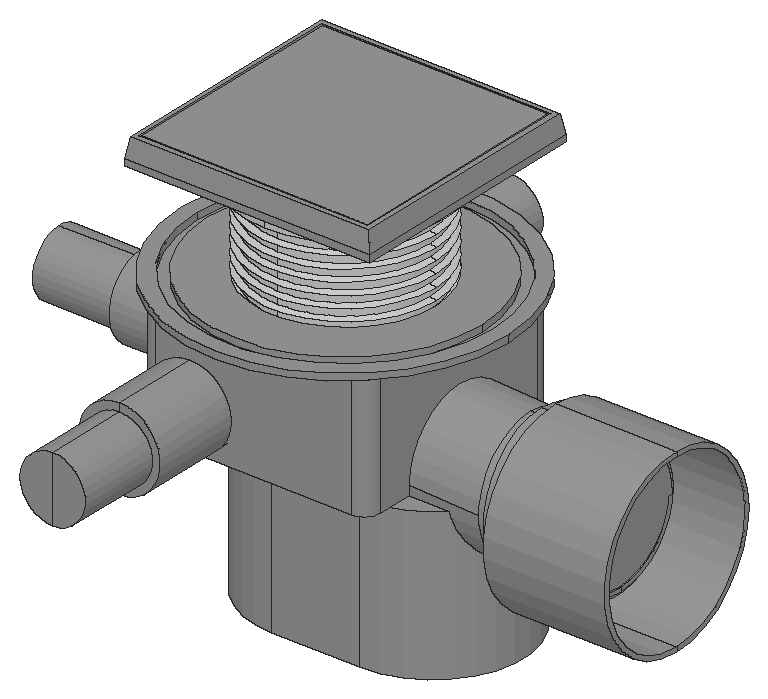
Revit family "HL_RU_Floor drain_HL70G-A-171212", category Instalační zařizovací předměty, Revit 2021
Family settings
  Kóta kulaté spojky = Použít průměr
  Typ dílu = Normální
  Číslo OmniClass = 23.70.50.21.24.14
  Nadpis OmniClass = Deck Waste Water Drains
  Založené na pracovní rovině = Ne
  Vždy vertikální = Ano
  Ořezat dutým tvarem při načtení = Ne
  Sdílené = Ano
  Bod výpočtu místnosti = Ano
Parameters (values of type "HL_Трап для внутренних помещений_HL70G")
  РЕШЁТКА = "137x137mm/ GJL"
  РАЗМЕР = "DN75/110"
  ПРОПУСКНАЯ СПОСОБНОСТЬ [instance] = 0.0 L/s
  ПРОИЗВОДИТЕЛЬНОСТЬ = "1,12 l/s"
  ПРИЁМНОЕ ОТВЕРСТИЕ = "3 x DN40/50"
  ПРАВОВАЯ ИНФОРМАЦИЯ = "\"Авторские права(©), права на дизайн или какие либо другие права интелектуальной собственности являются исключительной собственностью компании HL Hutterer & Lechner. Изменению не подлежит. Файл семейства с данными о прозводителе изделия защищен паролем с водяным знаком.\""
  ПАДЕНИЕ ДАВЛЕНИЯ [instance] = 0.0 Pa
  НОМИНАЛЬНЫЙ ДИАМЕТР 4 [instance] = 40 mm
  НОМИНАЛЬНЫЙ ДИАМЕТР 3 [instance] = 40 mm
  НОМИНАЛЬНЫЙ ДИАМЕТР 2 [instance] = 40 mm
  НОМИНАЛЬНЫЙ ДИАМЕТР [instance] = 110 mm
  НАСАДКА = "35-75 mm / 150 x 150 mm / GJL"
  МАТЕРИАЛ = "PE"
  МАКСИМАЛЬНАЯ НАГРУЗКА КЛАССА = "A/L15 - 1,5 t"
  ВЫСОТА МОНТАЖА = "213 mm"
  ВЕС = "2,892 kg"
  Výchozí výška = 0 mm
  Přípoj ventilace = no
  Výrobce = "HL Hutterer & Lechner GmbH"
  URL = "http://www.hutterer-lechner.com/ru/products/catalog/roof-drains/HL70G.aspx"
  Přípoj odpadních dílů = yes
  Přípoj HW = no
  Popis = "Трап для внутренних помещений"
  N [instance] = НОМИНАЛЬНЫЙ ДИАМЕТР = 110 mm  # yes
  Model = "HL70G"
  L24 [instance] = 39 mm
  Komentáře k typům = "Трап для внутренних помещений DN75/110 горизонтальный с предохранительным затвором обратного потока воды и тремя входными отверстиями DN40/50, 150х150мм/137х137мм чугун"
  Keynote = "HL70G"
  Высота монтажа [instance] = 80 mm
  Přípoj CW = no
  FO [instance] = FI1 + FI2 + FI3 + ПРОПУСКНАЯ СПОСОБНОСТЬ  # 0.0 L/s
  FI3 [instance] = 0.0 L/s
  FI2 [instance] = 0.0 L/s
  FI1 [instance] = 0.0 L/s
  EAN = "9003076001941"
  E [instance] = if(Высота монтажа > 80.1 mm, 120 mm, Высота монтажа)  # 80 mm
  D4 [instance] = if(НОМИНАЛЬНЫЙ ДИАМЕТР 4 = 40 mm, 174.8 mm, if(НОМИНАЛЬНЫЙ ДИАМЕТР 4 = 50 mm, 123.8 mm, 0 mm))  # 174.8 mm
  D3 [instance] = if(НОМИНАЛЬНЫЙ ДИАМЕТР 3 = 40 mm, 175 mm, if(НОМИНАЛЬНЫЙ ДИАМЕТР 3 = 50 mm, 124 mm, 0 mm))  # 175 mm
  D2 [instance] = if(НОМИНАЛЬНЫЙ ДИАМЕТР 2 = 40 mm, 174.8 mm, if(НОМИНАЛЬНЫЙ ДИАМЕТР 2 = 50 mm, 123.8 mm, 0 mm))  # 174.8 mm
  D1 [instance] = if(НОМИНАЛЬНЫЙ ДИАМЕТР = 75 mm, 168.8 mm, 202.6 mm)  # 202.6 mm
  D [instance] = Высота монтажа + 56.6 mm  # 136.6 mm
  C [instance] = Высота монтажа + 56.6 mm  # 136.6 mm
  B [instance] = if(НОМИНАЛЬНЫЙ ДИАМЕТР = 75 mm, 81 mm, 82.7 mm) + Высота монтажа  # 162.7 mm
  A [instance] = if(B - 100 mm > 15 mm, B - 100 mm, 15 mm)  # 62.7 mm
Reference planes
  plane 1 "Center (Front/Back)": y = 0
  plane 2: z = 0
  plane 3 "Center (Left/Right)": x = 0
  plane 4 "Ball Joint Vertical": x = 25.45
  plane 5: z = -80
  plane 6: z = -162.7
  plane 7: x = -39
Lines and regions (mm)
  model lines, style "InvisibleLines"
    curve 1: line (0, 0, 0) -> (0, 0, 560)
  reference lines
    curve 2: line (172.6, 0, -162.7) -> (202.6, 0, -162.7)
    curve 6: line (-39, 0, -136.6) -> (-175, 0, -136.6)
    curve 24: line (-39, 0, -136.6) -> (-39, 174.8, -136.6)
    curve 25: line (-39, 0, -136.6) -> (-39, -174.8, -136.6)
  model lines, detail levels coarse+medium
    curve 3: line (0, 0, -162.7) -> (0, 0, -100)
    curve 4: line (0, 0, -100) -> (100, 0, 0)
    curve 5: line (0, 0, -100) -> (-100, 0, 0)
    curve 7: line (0, 0, -162.7) -> (202.6, 0, -162.7)
  symbolic lines, style "PlumbingFixtures", detail levels coarse+medium
    curve 8: line (-75, 75, 0) -> (75, 75, 0)
    curve 9: line (-75, -75, 0) -> (-75, 75, 0)
    curve 10: line (75, -75, 0) -> (-75, -75, 0)
    curve 11: line (75, 75, 0) -> (75, -75, 0)
    curve 12: line (-75, 75, 0) -> (-145.711, 145.711, 0)
    curve 13: line (75, 75, 0) -> (145.711, 145.711, 0)
    curve 14: line (-75, -75, 0) -> (-145.711, -145.711, 0)
    curve 15: line (75, -75, 0) -> (145.711, -145.711, 0)
  symbolic lines, style "PlumbingFixtures", not visible, detail levels coarse+medium
    curve 16: line (-75, 75, 0) -> (75, 75, 0)
    curve 17: line (-75, -75, 0) -> (-75, 75, 0)
    curve 18: line (75, -75, 0) -> (-75, -75, 0)
    curve 19: line (75, 75, 0) -> (75, -75, 0)
    curve 20: line (-75, 75, 0) -> (-145.711, 145.711, 0)
    curve 21: line (75, 75, 0) -> (145.711, 145.711, 0)
    curve 22: line (-75, -75, 0) -> (-145.711, -145.711, 0)
    curve 23: line (75, -75, 0) -> (145.711, -145.711, 0)
Text (mm)
  text "FLOOR" at (-198.233, 0, -26.556), in view "вид строительства"
Dimensions and locks
  locked: plane 4 "Ball Joint Vertical" to plane 3 "Center (Left/Right)" at 25.45
  "Высота монтажа": plane 2 to plane 5
  "A": curve 5 to plane 6
  "B": curve 5 to plane 6
  "B": curve 4 to plane 6
  "B": plane 2 to plane 6
  "C": plane 2 to curve 6
  "B": plane 2 to curve 7
  "D3": plane 3 "Center (Left/Right)" to curve 6
  "L24": plane 7 to plane 3 "Center (Left/Right)"
  "D1": curve 2 to plane 3 "Center (Left/Right)"
  "D1": curve 7 to plane 3 "Center (Left/Right)"
  "D4": curve 24 to plane 1 "Center (Front/Back)"
  "D2": plane 1 "Center (Front/Back)" to curve 25
  "D": curve 25 to plane 2
  locked: plane 5 to nested 4 at 76.745
  locked: curve 4 to plane 3 "Center (Left/Right)" (angle 45.00°)
  locked: plane 3 "Center (Left/Right)" to curve 5 (angle 45.00°)
  aligned and locked: level to plane 2
  aligned and locked: plane 2 to curve 1
  aligned and locked: plane 3 "Center (Left/Right)" to curve 1
  aligned and locked: plane 3 "Center (Left/Right)" to curve 5
  aligned and locked: plane 6 to curve 2
  aligned and locked: plane 5 to nested 1
  aligned and locked: nested 1 to plane 3 "Center (Left/Right)"
  aligned and locked: nested 3 to nested 2
  aligned and locked: nested 2 to nested 3
  aligned and locked: plane 3 "Center (Left/Right)" to nested 2
  aligned and locked: plane 2 to nested 2
Automatic sketch dimensions
  level to curve 1 = 560 mm
  curve 6 to plane 7 = 0 mm
  curve 2 to curve 2 = 30 mm
  curve 25 to plane 1 "Center (Front/Back)" = 0 mm
Nested families
  nested 1: "HL-Трап для внутренних помещений-HL70K" at (0, 0, -80) x (-1, 0, 0) z (0, 0, 1), НОМИНАЛЬНЫЙ ДИАМЕТР 2 <- "НОМИНАЛЬНЫЙ ДИАМЕТР 2", НОМИНАЛЬНЫЙ ДИАМЕТР 3 <- "НОМИНАЛЬНЫЙ ДИАМЕТР 3", НОМИНАЛЬНЫЙ ДИАМЕТР 4 <- "НОМИНАЛЬНЫЙ ДИАМЕТР 4", type "HL-Трап для внутренних помещений-HL70K"
    with НОМИНАЛЬНЫЙ ДИАМЕТР 4 40 mm, НОМИНАЛЬНЫЙ ДИАМЕТР 3 40 mm, НОМИНАЛЬНЫЙ ДИАМЕТР 2 40 mm, НОМИНАЛЬНЫЙ ДИАМЕТР 0 mm, ND4 -90 mm, ND3 -90 mm, ND2 -90 mm
  nested 2: "HL-Насадная деталь-HL037G.2E" at (0, 0, 0), Высота монтажа <- "E", type "HL037G.2E"
    with Высота монтажа 80 mm, RN 10, RL 65 mm, R yes, NL_Test yes, NL 100 mm
  nested 3: "HL-Решётка-HL037G.1E" at (0, 0, 0), type "HL037G.1E"
  nested 4: "HL-Уменьшение-HL0317.4E" at (128.665, 0, -217.745) x (1, 0, 0) z (0, 0, -1), visible <- "N", type "HL0317.4E"
Connectors
  piping at (202.6, 0, -162.7), diameter 110, driven by "НОМИНАЛЬНЫЙ ДИАМЕТР", driven by "FO"
    settings: on curve 2, index 1, connector inside diameter 609.6 mm, connector length 0 mm, flow factor 0, pipe flow 0.0 L/s, pressure drop 0.0 Pa, fitting loss kfactor 0, connector angle 0.00°, fixture units 0, engagement length 0 mm, angle of deflection 0.00°, flow configuration 1, flow direction 2, fitting loss method 0, system type 16, joint type 0, gender type 0, connector reference index 2, connector utility 0, adjustable connector yes, is connector primary no, connector description ""
  piping at (-175, 0, -136.6), diameter 40, driven by "НОМИНАЛЬНЫЙ ДИАМЕТР 3", driven by "FI2"
    settings: on curve 6, index 2, connector inside diameter 609.6 mm, connector length 0 mm, flow factor 0, pipe flow 0.0 L/s, pressure drop 0.0 Pa, fitting loss kfactor 0, connector angle 0.00°, fixture units 0, engagement length 0 mm, angle of deflection 0.00°, flow configuration 0, flow direction 1, fitting loss method 0, system type 16, joint type 0, gender type 0, connector reference index 1, connector utility 0, adjustable connector yes, is connector primary yes, connector description ""
  piping at (-39, 174.8, -136.6), diameter 40, driven by "НОМИНАЛЬНЫЙ ДИАМЕТР 4", driven by "FI3"
    settings: on curve 24, index 4, connector inside diameter 609.6 mm, connector length 0 mm, flow factor 0, pipe flow 0.0 L/s, pressure drop 0.0 Pa, fitting loss kfactor 0, connector angle 0.00°, fixture units 0, engagement length 0 mm, angle of deflection 0.00°, flow configuration 0, flow direction 1, fitting loss method 0, system type 16, joint type 0, gender type 0, connector reference index -1, connector utility 0, adjustable connector yes, is connector primary no, connector description ""
  piping at (-39, -174.8, -136.6), diameter 40, driven by "НОМИНАЛЬНЫЙ ДИАМЕТР 2", driven by "FI1"
    settings: on curve 25, index 5, connector inside diameter 609.6 mm, connector length 0 mm, flow factor 0, pipe flow 0.0 L/s, pressure drop 0.0 Pa, fitting loss kfactor 0, connector angle 0.00°, fixture units 0, engagement length 0 mm, angle of deflection 0.00°, flow configuration 0, flow direction 1, fitting loss method 0, system type 16, joint type 0, gender type 0, connector reference index -1, connector utility 0, adjustable connector yes, is connector primary no, connector description ""
Definition of nested family "HL-Трап для внутренних помещений-HL70K"
  Parameters
    РАЗМЕР = ""
    ПРОИЗВОДИТЕЛЬНОСТЬ = ""
    ПРИЁМНОЕ ОТВЕРСТИЕ = ""
    НОМИНАЛЬНЫЙ ДИАМЕТР 4 [instance] = 40 mm
    НОМИНАЛЬНЫЙ ДИАМЕТР 3 [instance] = 40 mm
    НОМИНАЛЬНЫЙ ДИАМЕТР 2 [instance] = 40 mm
    НОМИНАЛЬНЫЙ ДИАМЕТР [instance] = 0 mm
    МАТЕРИАЛ = ""
    ВЫСОТА МОНТАЖА = ""
    ВЕС = ""
    Manufacturer = ""
    Default Elevation = 0 mm
    URL = ""
    Description = ""
    ND4 [instance] = if(НОМИНАЛЬНЫЙ ДИАМЕТР 4 = 40 mm, -90 mm, if(НОМИНАЛЬНЫЙ ДИАМЕТР 4 = 50 mm, 0 mm, -100 mm))  # -90 mm
    ND3 [instance] = if(НОМИНАЛЬНЫЙ ДИАМЕТР 3 = 40 mm, -90 mm, if(НОМИНАЛЬНЫЙ ДИАМЕТР 3 = 50 mm, 0 mm, -100 mm))  # -90 mm
    ND2 [instance] = if(НОМИНАЛЬНЫЙ ДИАМЕТР 2 = 40 mm, -90 mm, if(НОМИНАЛЬНЫЙ ДИАМЕТР 2 = 50 mm, 0 mm, -100 mm))  # -90 mm
    Model = ""
    LEGAL NOTICE = ""
    Type Comments = ""
    Keynote = ""
    EAN = ""
    Cost = 0
  Types (2, lengths in mm): name | РАЗМЕР | ПРОИЗВОДИТЕЛЬНОСТЬ | ПРИЁМНОЕ ОТВЕРСТИЕ | МАТЕРИАЛ | ВЫСОТА МОНТАЖА | ВЕС | Manufacturer | URL | Description | Model | LEGAL NOTICE | Type Comments | Keynote | EAN
    (no name) | "" | "" | "" | "" | "" | "" | "" | "" | "" | "" | "" | "" | "" | ""
    HL-Трап для внутренних помещений-HL70K | "DN75/110" | "1,12 l/s" | "3 x DN40/50" | "PE" | "173 mm" | "0,726 kg" | "HL Hutterer & Lechner GmbH" | "http://www.hutterer-lechner.com/ru/products/catalog/roof-drains/HL70K.aspx" | "Трап для внутренних помещений" | "HL70K" | "\"Авторские права(©), права на дизайн или какие либо другие права интелектуальной собственности являются исключительной собственностью компании HL Hutterer & Lechner. Изменению не подлежит. Файл семейства с данными о прозводителе изделия защищен паролем с водяным знаком.\"" | "Трап для внутренних помещений DN75/110 горизонтальный с предохранительным затвором обратного потока воды и тремя входными отверстиями DN40/50." | "HL70K" | "9003076011995"
  Reference planes
    plane 1 "Střed (vpředu/vzadu)": y = 0
    plane 2: z = 0
    plane 3 "Střed (vlevo/vpravo)": x = 0
  Forms (mm)
    Extrusion 1, solid, detail levels fine
      sketch origin (0, 0, 0) x (1, 0, 0) y (0, 1, 0)
        loop
          circle (0, 0) r 100
        loop
          circle (0, 0) r 90.712
        loop
          circle (0, 0) r 83.924
        loop
          circle (0, 0) r 55.36
      from 0 to -4
    Extrusion 2, solid, detail levels fine
      sketch origin (0, 0, -4) x (0, 1, 0) y (1, 0, 0)
        loop
          circle (0, 0) r 93.56
      from 0 to 3
    Extrusion 3, solid, detail levels fine
      sketch origin (0, 0, -7) x (-1, 0, 0) y (0, 1, 0)
        loop
          arc (60, -70) -> (67.071, -67.071) -> (70, -60) r 10
          line (70, -60) -> (70, 60)
          arc (70, 60) -> (67.071, 67.071) -> (60, 70) r 10
          line (60, 70) -> (-60, 70)
          arc (-60, 70) -> (-67.071, 67.071) -> (-70, 60) r 10
          line (-70, 60) -> (-70, -60)
          arc (-70, -60) -> (-67.071, -67.071) -> (-60, -70) r 10
          line (-60, -70) -> (60, -70)
      from 0 to 74.618
    Extrusion 4, solid, detail levels fine
      sketch origin (0, 0, -81.618) x (0, -1, 0) y (-1, 0, 0)
        loop
          arc (-56, 0) -> (-0.32, -55.68) -> (55.36, 0) r 55.68
          line (55.36, 0) -> (55.36, 54)
          arc (55.36, 54) -> (-0.32, 109.68) -> (-56, 54) r 55.68
          line (-56, 54) -> (-56, 0)
      from 0 to 92
    Sweep 5, solid, detail levels fine
      path origin (0, 0, 1.669) x (1, 0, 0) y (0, 0, 1)
        loop
          line (-167.087, -116.62) -> (-37.204, -111.12)
      profile origin (-102.145, 0, -112.201) x (-0.042308, 0, 0.999105) y (0, -1, 0)
        loop
          circle (34.934, 0) r 39
    Revolve 6, solid, detail levels fine
      sketch origin (0, 0, 22.014) x (1, 0, 0) y (0, 0, 1)
        loop
          line (175, -78.618) -> (175, -58.618) -> (124.072, -58.618) -> (124.072, -53.618) -> (65, -53.618) -> (65, -78.618) -> (175, -78.618)
        axis (175, -78.618) -> (65, -78.618)
      angle from 0 to 360
    Extrusion 7, void
      sketch origin (124.072, 0, -56.604) x (0, -1, 0) y (0, 0, 1)
        loop
          circle (0, 0) r 25
      from -100 to -90 <- "ND3"
    Revolve 8, solid, detail levels fine
      sketch origin (39, -0.32, 22.014) x (0, 1, 0) y (0, 0, 1)
        loop
          line (175, -78.618) -> (175, -58.618) -> (124.072, -58.618) -> (124.072, -53.618) -> (65, -53.618) -> (65, -78.618) -> (175, -78.618)
        axis (175, -78.618) -> (65, -78.618)
      angle from 0 to 360
    Extrusion 9, void
      sketch origin (39, 123.752, -56.604) x (1, 0, 0) y (0, 0, 1)
        loop
          circle (0, 0) r 25
      from -100 to -90 <- "ND2"
    Revolve 10, solid, detail levels fine
      sketch origin (39, 0.32, 22.014) x (0, -1, 0) y (0, 0, -1)
        loop
          line (175, 78.618) -> (65, 78.618) -> (65, 53.618) -> (124.072, 53.618) -> (124.072, 58.618) -> (175, 58.618) -> (175, 78.618)
        axis (175, 78.618) -> (65, 78.618)
      angle from 0 to 360
    Extrusion 11, void
      sketch origin (39, -123.752, -56.604) x (0, 0, -1) y (-1, 0, 0)
        loop
          circle (0, 0) r 25
      from -100 to -90 <- "ND4"
  Cuts and joins
    Extrusion 11 cuts Revolve 10
    Extrusion 7 cuts Revolve 6
    Extrusion 9 cuts Revolve 8
  Dimensions and locks
    aligned and locked: level to plane 2
Definition of nested family "HL-Насадная деталь-HL037G.2E"
  Parameters
    РАЗМЕР = "d 110 mm"
    ПРАВОВАЯ ИНФОРМАЦИЯ = "Авторские права(©), права на дизайн или какие либо другие права интелектуальной собственности являются исключительной собственностью компании HL Hutterer & Lechner. Изменению не подлежит. Файл семейства с данными о прозводителе изделия защищен паролем с водяным знаком."  # constant formula
    НАСАДКА = "150x150mm"
    МАКСИМАЛЬНАЯ НАГРУЗКА КЛАССА = "A/L15 - 1,5 t"
    Высота монтажа [instance] = 75 mm
    ВЕС = "2,03 [kg]"
    Waste Connection = yes
    Default Elevation = 0 mm
    Vent Connection = no
    RD = 6.5 mm  # constant formula
    R [instance] = ((Высота монтажа - NL_Min) / RD - 1) > 2  # yes
    RL [instance] = RD * RN  # 58.5 mm
    NL_Test [instance] = and(or(Высота монтажа < NL_Max, Высота монтажа = NL_Max), or(Высота монтажа > NL_Min, Высота монтажа = NL_Min))  # yes
    NL_Min = 30 mm
    NL_Max = 95 mm
    NL [instance] = if(NL_Test, Высота монтажа + 20 mm, 0 mm)  # 95 mm
    RN [instance] = if((Высота монтажа + 20 mm - NL_Min) / RD - 1 < 2, 2, (Высота монтажа + 20 mm - NL_Min) / RD - 1)  # 9
    Manufacturer = "HL Hutterer & Lechner GmbH"  # constant formula
    URL = "http://www.hutterer-lechner.com/ru/Products/catalog/floor-drains/attachments/HL037G.2E.aspx"
    HW Connection = no
    Description = "Трапы для внутренних помещений - Комплектующие"
    Model = "HL037G.2E"
    Type Comments = "HL037G.2E Подрамники d 110 мм из чугуна 150х150 мм"
    Keynote = "HL037G.2E"
    EAN = "9003076025404"
    CW Connection = no
  Reference planes
    plane 1 "Center (Front/Back)": y = 0
    plane 2: z = 0
    plane 3 "Center (Left/Right)": x = 0
    plane 4 "Ball Joint Vertical": x = 25.45
    plane 5: z = -95
  Forms (mm)
    Extrusion 1, solid, detail levels fine
      sketch origin (0, 0, 0) x (1, 0, 0) y (0, 1, 0)
        loop
          line (-75, 75) -> (-75, -75) -> (75, -75) -> (75, 75) -> (-75, 75)
        loop
          circle (0, 0) r 50.15
      from -12 to -16
    Sweep 2, solid, detail levels fine
      path in 3D
        loop
          line (-75, 75, -12) -> (-75, -75, -12) -> (75, -75, -12) -> (75, 75, -12) -> (-75, 75, -12)
      profile origin (0, 75, -12) x (0, -1, 0) y (0, 0, 1)
        loop
          line (2.116, 12) -> (0, 0) -> (15, 0) -> (15, 4) -> (5, 4) -> (5, 12) -> (2.116, 12)
    Extrusion 3, solid, detail levels fine
      sketch origin (0, 0, 0) x (1, 0, 0) y (0, 1, 0)
        loop
          line (-60, 60) -> (-60, -60) -> (60, -60) -> (60, 60) -> (-60, 60)
        loop
          circle (0, 0) r 50.5
      from -8 to -12
    Revolve 4, solid, detail levels fine
      sketch origin (0, 0, 0) x (0, 1, 0) y (0, 0, 1)
        loop
          line (64.5, -16) -> (62.224, -16) -> (59.8, -18.424) -> (59.8, -27.8) -> (50.15, -27.8) -> (50.15, -29.5) -> (50.15, -95) -> (51.85, -95) -> (51.85, -29.5) -> (61.5, -29.5) -> (61.5, -19) -> (64.5, -16)
        axis (0, -16) -> (0, -95)
      angle from 0 to 360
  Cuts and joins
    joined: Extrusion 1, Sweep 2, Extrusion 3
  Lines and regions (mm)
    symbolic lines
      curve 1: line (0, 0, -95) -> (0, 0, 0)
    sketch lines
      curve 2: line (75, 75, -12) -> (-75, 75, -12)
      curve 3: line (75, -75, -12) -> (75, 75, -12)
      curve 4: line (-75, -75, -12) -> (75, -75, -12)
      curve 5: line (-75, 75, -12) -> (-75, -75, -12)
  Text (mm)
    text "ROOF/FLOOR" at (-198.233, 0, -26.556), in view "Drain Construction View"
  Dimensions and locks
    locked: plane 4 "Ball Joint Vertical" to plane 3 "Center (Left/Right)" at 25.45
    "NL": plane 2 to plane 5
    equal spacing: group 1, group 3, group 4, group 5, group 6, group 7, group 8, group 9, group 2  (x3)
    "RL": nested 2 to nested 1
    locked: nested 1 to plane 5 at 1.516
    aligned and locked: level to plane 2
    aligned and locked: plane 3 "Center (Left/Right)" to nested 1
    aligned and locked: plane 1 "Center (Front/Back)" to nested 1
    aligned and locked: plane 2 to curve 1
    aligned and locked: plane 5 to curve 1
    aligned and locked: plane 5 to Revolve 4
  Automatic sketch dimensions
    curve 1 to plane 4 "Ball Joint Vertical" = 25.45 mm
    Extrusion 1 sketch curve to Extrusion 1 sketch curve = 0 mm  (x2)
    plane 1 "Center (Front/Back)" to Extrusion 1 sketch curve = 0 mm
    Extrusion 1 sketch curve to plane 3 "Center (Left/Right)" = 0 mm
    Extrusion 1 sketch curve to plane 3 "Center (Left/Right)" = 75 mm
    plane 4 "Ball Joint Vertical" to Extrusion 1 sketch curve = 49.55 mm
    plane 1 "Center (Front/Back)" to Extrusion 1 sketch curve = 75 mm
    Extrusion 1 sketch curve to plane 1 "Center (Front/Back)" = 75 mm
    plane 1 "Center (Front/Back)" to Extrusion 1 sketch curve = 5.198 mm
    Extrusion 1 sketch curve to plane 3 "Center (Left/Right)" = 49.88 mm
    Extrusion 1 sketch curve to plane 1 "Center (Front/Back)" = 5.198 mm
    Sweep 2 sketch curve to profile plane = 0 mm  (x2)
    Sweep 2 sketch curve to profile plane = 2.116 mm
    Sweep 2 sketch curve to Sweep 2 sketch curve = 2.884 mm
    profile plane to Sweep 2 sketch curve = 4 mm
    Sweep 2 sketch curve to Sweep 2 sketch curve = 10 mm
    Sweep 2 sketch curve to Sweep 2 sketch curve = 8 mm
    Extrusion 3 sketch curve to Extrusion 3 sketch curve = 0 mm  (x2)
    plane 1 "Center (Front/Back)" to Extrusion 3 sketch curve = 0 mm
    Extrusion 3 sketch curve to plane 3 "Center (Left/Right)" = 0 mm
    Extrusion 3 sketch curve to plane 3 "Center (Left/Right)" = 60 mm
    plane 4 "Ball Joint Vertical" to Extrusion 3 sketch curve = 34.55 mm
    plane 1 "Center (Front/Back)" to Extrusion 3 sketch curve = 60 mm
    Extrusion 3 sketch curve to plane 1 "Center (Front/Back)" = 60 mm
    Extrusion 3 sketch curve to plane 1 "Center (Front/Back)" = 5.234 mm
    Extrusion 3 sketch curve to plane 3 "Center (Left/Right)" = 50.228 mm
    plane 1 "Center (Front/Back)" to Extrusion 3 sketch curve = 5.234 mm
    Revolve 4 sketch curve to plane 1 "Center (Front/Back)" = 0 mm
    Revolve 4 sketch curve to plane 1 "Center (Front/Back)" = 50.15 mm
    Revolve 4 sketch curve to Revolve 4 sketch curve = 1.7 mm  (x3)
    Revolve 4 sketch curve to Revolve 4 sketch curve = 7.95 mm
    Revolve 4 sketch curve to level = 16 mm
    Revolve 4 sketch curve to Revolve 4 sketch curve = 0.724 mm
    Revolve 4 sketch curve to Revolve 4 sketch curve = 2.276 mm
    Revolve 4 sketch curve to Revolve 4 sketch curve = 2.424 mm
    Revolve 4 sketch curve to Revolve 4 sketch curve = 0.576 mm
    Revolve 4 sketch curve to Revolve 4 sketch curve = 9.376 mm
    Revolve 4 sketch curve to Revolve 4 sketch curve = 0 mm
    Revolve 4 sketch curve to plane 5 = 0 mm
    Revolve 4 sketch curve to plane 5 = 60 mm
    level to Revolve 4 sketch curve = 50 mm
  Nested families
    nested 1: "Ring" at (0, 0, -93.484), visible <- "R", type "Ring"
      with R 51.9 mm, D 103.8 mm
    nested 2: "Ring" at (0, 0, -34.984), visible <- "R", type "Ring"
      with R 51.9 mm, D 103.8 mm
    nested 3: "Ring" at (0, 0, -86.171), visible <- "R", type "Ring"
      with R 51.9 mm, D 103.8 mm
    nested 4: "Ring" at (0, 0, -78.859), visible <- "R", type "Ring"
      with R 51.9 mm, D 103.8 mm
    nested 5: "Ring" at (0, 0, -71.546), visible <- "R", type "Ring"
      with R 51.9 mm, D 103.8 mm
    nested 6: "Ring" at (0, 0, -64.234), visible <- "R", type "Ring"
      with R 51.9 mm, D 103.8 mm
    nested 7: "Ring" at (0, 0, -56.921), visible <- "R", type "Ring"
      with R 51.9 mm, D 103.8 mm
    nested 8: "Ring" at (0, 0, -49.609), visible <- "R", type "Ring"
      with R 51.9 mm, D 103.8 mm
    nested 9: "Ring" at (0, 0, -42.296), visible <- "R", type "Ring"
      with R 51.9 mm, D 103.8 mm
  Definition of nested family "Ring"
    Parameters (values of type "Ring")
      Manufacturer = ""
      Default Elevation = 0 mm
      URL = ""
      R = D / 2  # 51.5 mm
      Description = ""
      Model = ""
      Material = none
      Type Comments = ""
      D = 103 mm
      Cost = 0
    Reference planes
      plane 1 "Střed (vpředu/vzadu)": y = 0
      plane 2: z = 0
      plane 3 "Střed (vlevo/vpravo)": x = 0
    Forms (mm)
      Revolve 1, solid, material <- "Material", detail levels fine
        sketch origin (0, 0, 0) x (1, 0, 0) y (0, 0, 1)
          loop
            line (-51.5, 1.482) -> (-54.764, 0) -> (-51.5, -1.516) -> (-51.5, 1.482)
          axis (0, 1.482) -> (0, -1.516)
        angle from 0 to 360
    Dimensions and locks
      "R": Revolve 1 sketch curve to plane 3 "Střed (vlevo/vpravo)"
      aligned and locked: level to plane 2
      aligned and locked: Revolve 1 sketch curve to plane 3 "Střed (vlevo/vpravo)"
    Automatic sketch dimensions
      Revolve 1 sketch curve to level = 0 mm
      Revolve 1 sketch curve to Revolve 1 sketch curve = 3.264 mm
      Revolve 1 sketch curve to level = 1.516 mm
      level to Revolve 1 sketch curve = 1.482 mm
      Revolve 1 sketch curve to level = 381 mm
      Revolve 1 sketch curve to Revolve 1 sketch curve = 2212.833 mm
Definition of nested family "HL-Решётка-HL037G.1E"
  Parameters
    РАЗМЕР = "137x137mm"
    ПРАВОВАЯ ИНФОРМАЦИЯ = "Авторские права(©), права на дизайн или какие либо другие права интелектуальной собственности являются исключительной собственностью компании HL Hutterer & Lechner. Изменению не подлежит. Файл семейства с данными о прозводителе изделия защищен паролем с водяным знаком."  # constant formula
    МАТЕРИАЛ = "Gusseisen"
    МАКСИМАЛЬНАЯ НАГРУЗКА КЛАССА = "A/L15 - 1,5 t"
    ВЕС = "0,91 [kg]"
    Waste Connection = yes
    Default Elevation = 0 mm
    Vent Connection = no
    Manufacturer = "HL Hutterer & Lechner GmbH"  # constant formula
    URL = "http://www.hutterer-lechner.com/ru/Products/catalog/floor-drains/attachments/HL037G.1E.aspx"
    HW Connection = no
    Description = "Трапы для внутренних помещений - Комплектующие"
    Model = "HL037G.1E"
    Type Comments = "HL037G.1E Чугунные решетки для сливных отверстий 137х137мм"
    Keynote = "HL037G.1E"
    EAN = "9003076009046"
    CW Connection = no
  Reference planes
    plane 1 "Center (Front/Back)": y = 0
    plane 2: z = 0
    plane 3 "Center (Left/Right)": x = 0
    plane 4 "Ball Joint Vertical": x = 25.45
  Forms (mm)
    Extrusion 1, solid, detail levels fine
      sketch origin (0, 0, 0) x (1, 0, 0) y (0, 1, 0)
        loop
          line (-69, 69) -> (-69, -69) -> (69, -69) -> (69, 69) -> (-69, 69)
      from 0 to -8
  Lines and regions (mm)
    model lines, detail levels fine
      curve 1: line (-8.15, 4.25, 0) -> (-8.15, -4.25, 0)
      curve 2: line (-6.4, 1.625, 0) -> (-6.4, 4.25, 0)
      curve 3: line (-2.65, 0.875, 0) -> (-5.65, 0.875, 0)
      curve 4: line (-5.65, -0.875, 0) -> (-2.65, -0.875, 0)
      curve 5: line (-6.4, -4.25, 0) -> (-6.4, -1.625, 0)
      curve 6: line (-0.15, -4.25, 0) -> (-0.15, 4.25, 0)
      curve 7: line (1.65, 4.25, 0) -> (1.65, -4.25, 0)
      curve 8: line (3.4, -2.5, 0) -> (3.4, 4.25, 0)
      curve 9: line (7.4, -3.25, 0) -> (4.15, -3.25, 0)
      curve 10: line (2.4, -5, 0) -> (7.4, -5, 0)
      curve 11: arc (-8.15, -4.25, 0) -> (-7.275, -5.125, 0) -> (-6.4, -4.25, 0) r 0.875
      curve 12: arc (-8.15, 4.25, 0) -> (-7.275, 5.125, 0) -> (-6.4, 4.25, 0) r 0.875
      curve 13: arc (-6.4, 1.625, 0) -> (-6.18, 1.095, 0) -> (-5.65, 0.875, 0) r 0.75
      curve 14: arc (-5.65, -0.875, 0) -> (-6.18, -1.095, 0) -> (-6.4, -1.625, 0) r 0.75
      curve 15: arc (-2.65, -0.875, 0) -> (-2.12, -1.095, 0) -> (-1.9, -1.625, 0) r 0.75
      curve 16: arc (-2.65, 0.875, 0) -> (-2.12, 1.095, 0) -> (-1.9, 1.625, 0) r 0.75
      curve 17: arc (-1.9, 4.25, 0) -> (-1.025, 5.125, 0) -> (-0.15, 4.25, 0) r 0.875
      curve 18: arc (1.65, 4.25, 0) -> (2.525, 5.125, 0) -> (3.4, 4.25, 0) r 0.875
      curve 19: arc (7.4, -3.25, 0) -> (8.275, -4.125, 0) -> (7.4, -5, 0) r 0.875
      curve 20: arc (4.15, -3.25, 0) -> (3.62, -3.03, 0) -> (3.4, -2.5, 0) r 0.75
      curve 21: arc (1.65, -4.25, 0) -> (1.87, -4.78, 0) -> (2.4, -5, 0) r 0.75
      curve 22: arc (-1.9, -4.25, 0) -> (-1.025, -5.125, 0) -> (-0.15, -4.25, 0) r 0.875
      curve 23: line (-1.9, -1.625, 0) -> (-1.9, -4.25, 0)
      curve 24: line (-1.9, 1.625, 0) -> (-1.9, 4.25, 0)
      curve 25: line (-10.607, 16.263, 0) -> (-28.989, 34.646, 0)
      curve 26: line (-34.646, 28.989, 0) -> (-16.263, 10.607, 0)
      curve 27: line (-21.211, 38.181, 0) -> (-12.021, 28.991, 0)
      curve 28: line (-6.364, 34.648, 0) -> (-15.554, 43.838, 0)
      curve 29: line (-28.991, 12.021, 0) -> (-38.181, 21.211, 0)
      curve 30: line (-43.838, 15.554, 0) -> (-34.648, 6.364, 0)
      curve 31: arc (-43.838, 15.554, 0) -> (-43.838, 21.211, 0) -> (-38.181, 21.211, 0) r 4
      curve 32: arc (-28.991, 12.021, 0) -> (-28.991, 6.364, 0) -> (-34.648, 6.364, 0) r 4
      curve 33: arc (-34.646, 28.989, 0) -> (-34.646, 34.646, 0) -> (-28.989, 34.646, 0) r 4
      curve 34: arc (-16.263, 10.607, 0) -> (-10.607, 10.607, 0) -> (-10.607, 16.263, 0) r 4
      curve 35: arc (-12.021, 28.991, 0) -> (-6.364, 28.991, 0) -> (-6.364, 34.648, 0) r 4
      curve 36: arc (-21.211, 38.181, 0) -> (-21.211, 43.838, 0) -> (-15.554, 43.838, 0) r 4
      curve 37: line (16.263, 10.607, 0) -> (34.646, 28.989, 0)
      curve 38: line (28.989, 34.646, 0) -> (10.607, 16.263, 0)
      curve 39: line (38.181, 21.211, 0) -> (28.991, 12.021, 0)
      curve 40: line (34.648, 6.364, 0) -> (43.838, 15.554, 0)
      curve 41: line (12.021, 28.991, 0) -> (21.211, 38.181, 0)
      curve 42: line (15.554, 43.838, 0) -> (6.364, 34.648, 0)
      curve 43: arc (15.554, 43.838, 0) -> (21.211, 43.838, 0) -> (21.211, 38.181, 0) r 4
      curve 44: arc (12.021, 28.991, 0) -> (6.364, 28.991, 0) -> (6.364, 34.648, 0) r 4
      curve 45: arc (28.989, 34.646, 0) -> (34.646, 34.646, 0) -> (34.646, 28.989, 0) r 4
      curve 46: arc (10.607, 16.263, 0) -> (10.607, 10.607, 0) -> (16.263, 10.607, 0) r 4
      curve 47: arc (28.991, 12.021, 0) -> (28.991, 6.364, 0) -> (34.648, 6.364, 0) r 4
      curve 48: arc (38.181, 21.211, 0) -> (43.838, 21.211, 0) -> (43.838, 15.554, 0) r 4
      curve 49: line (-10.607, -16.263, 0) -> (-28.989, -34.646, 0)
      curve 50: line (-34.646, -28.989, 0) -> (-16.263, -10.607, 0)
      curve 51: line (-21.211, -38.181, 0) -> (-12.021, -28.991, 0)
      curve 52: line (-6.364, -34.648, 0) -> (-15.554, -43.838, 0)
      curve 53: line (-28.991, -12.021, 0) -> (-38.181, -21.211, 0)
      curve 54: line (-43.838, -15.554, 0) -> (-34.648, -6.364, 0)
      curve 55: arc (-43.838, -15.554, 0) -> (-43.838, -21.211, 0) -> (-38.181, -21.211, 0) r 4
      curve 56: arc (-28.991, -12.021, 0) -> (-28.991, -6.364, 0) -> (-34.648, -6.364, 0) r 4
      curve 57: arc (-34.646, -28.989, 0) -> (-34.646, -34.646, 0) -> (-28.989, -34.646, 0) r 4
      curve 58: arc (-16.263, -10.607, 0) -> (-10.607, -10.607, 0) -> (-10.607, -16.263, 0) r 4
      curve 59: arc (-12.021, -28.991, 0) -> (-6.364, -28.991, 0) -> (-6.364, -34.648, 0) r 4
      curve 60: arc (-21.211, -38.181, 0) -> (-21.211, -43.838, 0) -> (-15.554, -43.838, 0) r 4
      curve 61: line (16.263, -10.607, 0) -> (34.646, -28.989, 0)
      curve 62: line (28.989, -34.646, 0) -> (10.607, -16.263, 0)
      curve 63: line (38.181, -21.211, 0) -> (28.991, -12.021, 0)
      curve 64: line (34.648, -6.364, 0) -> (43.838, -15.554, 0)
      curve 65: line (12.021, -28.991, 0) -> (21.211, -38.181, 0)
      curve 66: line (15.554, -43.838, 0) -> (6.364, -34.648, 0)
      curve 67: arc (15.554, -43.838, 0) -> (21.211, -43.838, 0) -> (21.211, -38.181, 0) r 4
      curve 68: arc (12.021, -28.991, 0) -> (6.364, -28.991, 0) -> (6.364, -34.648, 0) r 4
      curve 69: arc (28.989, -34.646, 0) -> (34.646, -34.646, 0) -> (34.646, -28.989, 0) r 4
      curve 70: arc (10.607, -16.263, 0) -> (10.607, -10.607, 0) -> (16.263, -10.607, 0) r 4
      curve 71: arc (28.991, -12.021, 0) -> (28.991, -6.364, 0) -> (34.648, -6.364, 0) r 4
      curve 72: arc (38.181, -21.211, 0) -> (43.838, -21.211, 0) -> (43.838, -15.554, 0) r 4
    model lines
      curve 73: line (0, 0, 0) -> (0, 0, 100)
  Text (mm)
    text "ROOF/FLOOR" at (-198.233, 0, -26.556), in view "Drain Construction View"
  Dimensions and locks
    locked: plane 4 "Ball Joint Vertical" to plane 3 "Center (Left/Right)" at 25.45
    aligned and locked: level to plane 2
Definition of nested family "HL-Уменьшение-HL0317.4E"
  Parameters
    РАЗМЕР = "DN110xDN75"
    ПРАВОВАЯ ИНФОРМАЦИЯ = "Авторские права(©), права на дизайн или какие либо другие права интелектуальной собственности являются исключительной собственностью компании HL Hutterer & Lechner. Изменению не подлежит. Файл семейства с данными о прозводителе изделия защищен паролем с водяным знаком."  # constant formula
    МАТЕРИАЛ = "PP"
    ВЕС = "0,10 [kg]"
    Waste Connection = yes
    Default Elevation = 0 mm
    Vent Connection = no
    Manufacturer = "HL Hutterer & Lechner GmbH"  # constant formula
    URL = "http://www.hutterer-lechner.com/ru/Products/catalog/floor-drains/attachments/HL0317.4E.aspx"
    HW Connection = no
    Description = "Трапы для внутренних помещений - Комплектующие"
    Model = "HL0317.4E"
    Type Comments = "HL0317.4E Уменьшение DN110xDN75"
    Keynote = "HL0317.4E"
    EAN = "9003076317042"
    CW Connection = no
  Reference planes
    plane 1 "Center (Front/Back)": y = 0
    plane 2: z = 0
    plane 3 "Center (Left/Right)": x = 0
    plane 4 "Ball Joint Vertical": x = 25.45
  Forms (mm)
    Revolve 1, solid, detail levels fine
      sketch origin (0, 0, 0) x (1, 0, 0) y (0, 0, 1)
        loop
          line (74, -2.7) -> (74, 0) -> (0, 0) -> (0, -55) -> (3, -55) -> (3, -2.7) -> (74, -2.7)
        axis (74, -55) -> (0, -55)
      angle from 0 to 360
    Revolve 2, solid, detail levels fine
      sketch origin (0, 0, 0) x (1, 0, 0) y (0, 0, 1)
        loop
          line (-15, -21.165) -> (-15, -23.3) -> (39.9, -23.3) -> (39.9, -21.3) -> (0, -21.3) -> (0, -17) -> (-8.629, -17) -> (-11.112, -21.165) -> (-15, -21.165)
        axis (-15, -61) -> (39.9, -61)
      angle from 0 to 360
    Extrusion 3, void
      sketch origin (0, 0, 0) x (0, 1, 0) y (0, 0, 1)
        loop
          arc (-33.715, -46.537) -> (-35.917, -53.62) -> (-36.661, -61) r 36.983
          arc (-36.661, -61) -> (-12.182, -95.805) -> (28.85, -84.535) r 36.983
          arc (28.85, -84.535) -> (31.932, -80.198) -> (34.36, -75.463) r 36.983
          arc (34.36, -75.463) -> (36.561, -68.38) -> (37.305, -61) r 36.983
          arc (37.305, -61) -> (7.702, -24.761) -> (-33.715, -46.537) r 36.983
      from 55.439 to -38.757
  Cuts and joins
    Extrusion 3 cuts Revolve 1
  Lines and regions (mm)
    reference lines
      curve 1: line (39.9, 0, -61) -> (-15, 0, -61)
  Text (mm)
    text "ROOF/FLOOR" at (-198.233, 0, -26.556), in view "Drain Construction View"
  Dimensions and locks
    locked: plane 4 "Ball Joint Vertical" to plane 3 "Center (Left/Right)" at 25.45
    aligned and locked: level to plane 2
